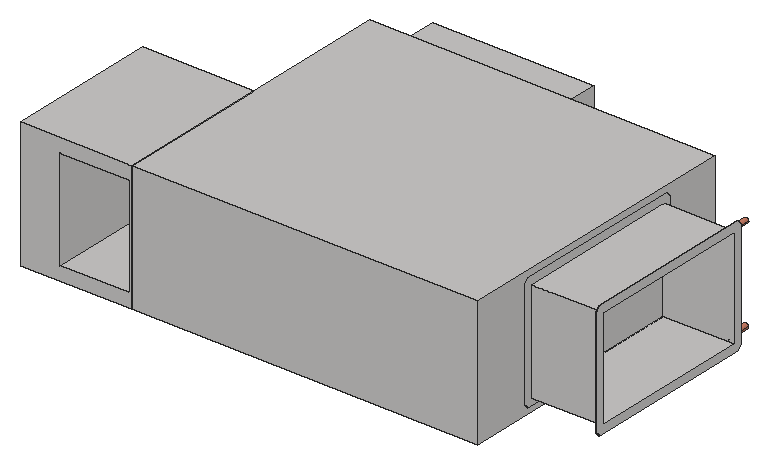
Revit family
Parameters
  Width = 3' - 1"
  Voltage = 277 V
  Unit Weight = if(and(Size Option = 1, Number of Rows = 1), "189.0 lbs", if(and(Size Option = 1, Number of Rows = 2), "192.0 lbs", if(and(Size Option = 2, Number of Rows = 1), "194.0 lbs", if(and(Size Option = 2, Number of Rows = 2), "197.0 lbs", "0"))))  # "194.0 lbs"
  UltraLoc Liner = Choose Liner Option = 3  # no
  URL = "http://www.titus-hvac.com/"
  UL = "181"
  Supply Air Flow [instance] = 0 CFM
  SteriLoc Liner = Choose Liner Option = 2  # no
  Size Option = 2
  Size C = Size Option = 2  # yes
  Size B = Size Option = 1  # no
  Secondary Material = Copper Connectors
  Primary Air Pressure Drop [instance] = 0.00 in-wg
  Primary Air Flow [instance] = 0 CFM
  Pressure [instance] = 0.00 psi
  Plenum Air Pressure Drop [instance] = 0.00 in-wg
  Plenum Air Flow [instance] = 0 CFM
  Outlet Width = 1' - 8 1/2"
  Outlet Height = 1' - 0 1/2"
  Number of Rows = 1
  Number of Poles = 1
  Nominal Width = Width + 0' 6 1/4"  # 3' - 7 1/4"
  Nominal Length = Length + 1' 1 7/8" + 0' 9"  # 5' - 5 7/8"
  Nominal Inlet Size = 0' - 6"
  Nominal Height = 1' - 4"
  NFPA = "90A"
  Motor Full Load Amps [instance] = 1.4 A
  Model = "DTFS-F"
  Min. Air Flow = 0 CFM
  Max. Air Flow = 500 CFM
  Material = Galvanized Steel
  Manufacturer = "Titus"
  Length = 3' - 7"
  Juction Box Offset = 0' - 2 7/8"
  Inlet Diameter = Nominal Inlet Size - 0' 0 1/8"  # 0' - 5 7/8"
  Induced Air Inlet Width = 1' - 1 7/8"
  Induced Air Inlet Offset = (Height - Induced Air Inlet Connection Height) / 2  # 0' - 1 11/16"
  Induced Air Inlet Height = 1' - 7"
  Induced Air Inlet Connection Width = 0' - 8 3/4"
  Induced Air Inlet Connection Height = 1' - 0 5/8"
  Induced Air Filter = no
  Height = 1' - 4"
  Heating Total Capacity [instance] = 0 Btu/h
  Heating Entering Water Temp = 0 °F
  Half Outlet Connection Width = Outlet Width / 2  # 0' - 10 1/4"
  Half Outlet Connection Height = Outlet Height / 2  # 0' - 6 1/4"
  Half Height Start = -(Height / 2)  # -0' - 8"
  Half Height End = Height / 2  # 0' - 8"
  HWC Option = HWC Section : B-C - 1 Row
  HWC Connector Radius = 5/16"
  HP-Motor = "1/4"
  Gallons Per Minute [instance] = 0 GPM
  Frequency = 60 Hz
  Flange Offset = 0' - 1"
  Filter Size = "11\"x14\""
  Fiber Free Liner = Choose Liner Option = 1  # no
  Fan Disconnect Switch = no
  Duct Radius = Nominal Inlet Size / 2  # 0' - 3"
  Description = "Ultra Quiet Series Fan Powered Terminal Unit, Direct Digital Control, Pressure Independent"
  Connector Vertical Offset = 0' - 11 3/4"
  HWC Connector Length = 0' - 3"
  Connector Horizontal Offset = if(Number of Rows = 1, 0' 0", if(Number of Rows = 2, 0' 1", 0' 0"))  # 0' - 0"
  Connection Void Radius = Connection Radius - 0' 0 1/4"  # 0' - 2 11/16"
  Connection Radius = Inlet Diameter / 2  # 0' - 2 15/16"
  Choose Liner Option = 0
  CADworks URL = "www.CADworks.net"
  Assembly Code = "D3040100"
  Apparent Power [instance] = Voltage * Motor Full Load Amps  # 387.8 VA
  Air Inlet Offset = 0' - 6"
  1/2" Fiberglass Liner = Choose Liner Option = 0  # yes
  1" Fiberglass Liner = Choose Liner Option = 4  # no
Reference planes (in)
  plane 1 "Center (Front/Back)": y = 0
  plane 2: z = 0
  plane 3 "Center (Left/Right)": x = 3
  plane 4: x = -18.5
  plane 5: x = 24.5
  plane 6: x = -15.625
  plane 7: x = -21.875
  plane 8: z = 0
  plane 9: y = -18.5
  plane 10: y = 18.5
  plane 11: y = 12.5
  plane 12: z = 0
  plane 13: x = 33.5
  plane 14: x = 32.5
  plane 15: y = 13.25
  plane 16: y = 10.25
  plane 17: z = 5.875
  plane 18: z = -5.875
  plane 19: x = 32.5
  plane 20: y = 24.75
  plane 21: x = -32.375
  plane 22: z = 8
  plane 23: z = -8
Forms (in)
  Extrusion 1, solid, material "Galvanized Steel" <- "Material"
    sketch origin (0, 0, 0) x (1, 0, 0) y (0, 1, 0)
      loop
        line (-18.5, 18.5) -> (-18.5, -18.5) -> (24.5, -18.5) -> (24.5, 18.5) -> (-18.5, 18.5)
    from -8 <- "Half Height Start" to 8 <- "Half Height End"
  Extrusion 2, solid, material "Galvanized Steel" <- "Material"
    sketch origin (0, 0, 0) x (1, 0, 0) y (0, 1, 0)
      loop
        line (-32.375, 0.5) -> (-32.375, -18.5) -> (-18.5, -18.5) -> (-18.5, 0.5) -> (-32.375, 0.5)
    from -8 <- "Half Height Start" to 8 <- "Half Height End"
  Extrusion 3, void
    sketch origin (0, -18.5, 0) x (1, 0, 0) y (0, 0, -1)
      loop
        line (-18.75, 6.3125) -> (-27.5, 6.3125) -> (-27.5, -6.3125) -> (-18.75, -6.3125) -> (-18.75, 6.3125)
    from 0 to 16
  Extrusion 4, solid, material "Galvanized Steel" <- "Material"
    sketch origin (3, 0, 30) x (1, 0, 0) y (0, 1, 0)
      loop
        line (-18.625, 18.5) -> (1.375, 18.5) -> (1.375, 24.75) -> (-18.625, 24.75) -> (-18.625, 18.5)
    from -36 to -24
  Extrusion 5, solid, material "Galvanized Steel" <- "Material"
    sketch origin (-24.875, -2, 0) x (0, 0, -1) y (0, 1, 0)
      loop
        circle (0, 14.5) r 2.9375
    from 3 to 6.375
  Extrusion 6, void
    sketch origin (-24.875, 0, 0) x (0, 1, 0) y (0, 0, 1)
      loop
        circle (12.5, 0) r 2.6875
    from 3 to 9.25
  Extrusion 7, void, detail levels fine
    sketch origin (33.5, -10.25, 6.25) x (0, 0, 1) y (0, -1, 0)
      loop
        line (-12.5, 0) -> (-12.5, -20.5) -> (0, -20.5) -> (0, 0) -> (-12.5, 0)
    from -0.0625 to 0
  Extrusion 8, solid, material "Copper Connectors" <- "Secondary Material", detail levels fine
    sketch origin (0, 0, 0) x (1, 0, 0) y (0, 0, 1)
      loop
        circle (32.5, 5.875) r 0.3125
    from -13.25 to -10.3125
  Extrusion 9, solid, material "Copper Connectors" <- "Secondary Material", detail levels fine
    sketch origin (0, 0, 0) x (1, 0, 0) y (0, 0, 1)
      loop
        circle (32.5, -5.875) r 0.3125
    from -13.25 to -10.3125
Cuts and joins
  Extrusion 3 cuts Extrusion 2
  Extrusion 6 cuts Extrusion 1
  Extrusion 6 cuts Extrusion 5
Dimensions and locks (in)
  "Length": plane 5 to plane 4
  equal spacing: plane 5, plane 3 "Center (Left/Right)", plane 4
  locked: Extrusion 4 to plane 6 at 0
  locked: Extrusion 4 to Extrusion 4 at 20
  "Juction Box Offset": plane 6 to plane 4
  locked: plane 4 to plane 7 at 3.375
  "Width": plane 9 to plane 10
  equal spacing: plane 9, plane 1 "Center (Front/Back)", plane 10
  locked: Extrusion 5 sketch curve to level at 0
  locked: Extrusion 5 sketch curve to plane 11 at 0
  locked: Extrusion 6 sketch curve to level at 0
  locked: Extrusion 6 sketch curve to plane 11 at 0
  locked: Extrusion 4 to Extrusion 4 at 6.25
  locked: Extrusion 4 to Extrusion 4 at 12
  equal spacing: Extrusion 4, plane 8, Extrusion 4
  "Air Inlet Offset": plane 10 to plane 11
  "Induced Air Inlet Height": cut or joined group of Extrusion 2, Extrusion 3 to cut or joined group of Extrusion 2, Extrusion 3
  locked: cut or joined group of Extrusion 5, Extrusion 6 to cut or joined group of Extrusion 5, Extrusion 6 at 3.375
  "Induced Air Inlet Connection Height": Extrusion 3 sketch curve to Extrusion 3 sketch curve
  "Induced Air Inlet Offset": Extrusion 3 sketch curve to cut or joined group of Extrusion 2, Extrusion 3
  "Induced Air Inlet Connection Width": Extrusion 3 sketch curve to Extrusion 3 sketch curve
  locked: Extrusion 3 sketch curve to cut or joined group of Extrusion 1, Extrusion 6 at 0.25
  locked: plane 5 to plane 13 at 9
  locked: plane 14 to plane 13 at 1
  locked: plane 17 to plane 18 at 11.75
  equal spacing: plane 17, plane 12, plane 18
  "Connector Horizontal Offset": plane 19 to plane 14
  "HWC Connector Length": plane 16 to plane 15
  locked: cut or joined group of Extrusion 2, Extrusion 3 to cut or joined group of Extrusion 2, Extrusion 3 at 16
  equal spacing: cut or joined group of Extrusion 2, Extrusion 3, plane 12, cut or joined group of Extrusion 2, Extrusion 3
  locked: cut or joined group of Extrusion 1, Extrusion 6 to cut or joined group of Extrusion 2, Extrusion 3 at 16
  equal spacing: cut or joined group of Extrusion 1, Extrusion 6, plane 12, cut or joined group of Extrusion 1, Extrusion 6
  locked: cut or joined group of Extrusion 2, Extrusion 3 to cut or joined group of Extrusion 2, Extrusion 3 at 13.875
  locked: nested 1 to cut or joined group of Extrusion 1, Extrusion 6 at 1.6875
  locked: cut or joined group of Extrusion 1, Extrusion 6 to nested 1 at 1.6875
  "Connection Radius": radius of Extrusion 5 sketch curve
  "Connection Void Radius": radius of Extrusion 6 sketch curve
  "HWC Connector Radius": radius of Extrusion 8 sketch curve
  "HWC Connector Radius": radius of Extrusion 9 sketch curve
  aligned and locked: plane 10 to Extrusion 4
  aligned and locked: plane 7 to cut or joined group of Extrusion 5, Extrusion 6
  aligned and locked: plane 9 to cut or joined group of Extrusion 2, Extrusion 3  (x3)
  aligned and locked: nested 1 to Extrusion 8
  aligned and locked: plane 15 to Extrusion 8
  aligned and locked: nested 1 to Extrusion 9
  aligned and locked: plane 15 to Extrusion 9
  aligned and locked: plane 5 to cut or joined group of Extrusion 1, Extrusion 6
  aligned and locked: cut or joined group of Extrusion 1, Extrusion 6 to plane 10
  aligned and locked: plane 9 to cut or joined group of Extrusion 1, Extrusion 6
  aligned and locked: cut or joined group of Extrusion 1, Extrusion 6 to plane 4
  aligned and locked: cut or joined group of Extrusion 1, Extrusion 6 to nested 1
  aligned and locked: cut or joined group of Extrusion 5, Extrusion 6 to cut or joined group of Extrusion 1, Extrusion 6
  aligned and locked: cut or joined group of Extrusion 2, Extrusion 3 to cut or joined group of Extrusion 1, Extrusion 6
  aligned and locked: plane 22 to cut or joined group of Extrusion 2, Extrusion 3
  aligned and locked: plane 22 to cut or joined group of Extrusion 1, Extrusion 6
  aligned and locked: plane 23 to cut or joined group of Extrusion 2, Extrusion 3
  aligned and locked: plane 23 to cut or joined group of Extrusion 1, Extrusion 6
  aligned and locked: plane 20 to Extrusion 4
  aligned and locked: plane 13 to nested 1
  aligned and locked: plane 21 to cut or joined group of Extrusion 2, Extrusion 3
  aligned and locked: plane 6 to Extrusion 6
  aligned and locked: Extrusion 6 to plane 7
Automatic sketch dimensions
  Extrusion 1 sketch curve to plane 4 = 0' - 0"
  Extrusion 1 sketch curve to plane 5 = 0' - 0"
  Extrusion 1 sketch curve to plane 9 = 0' - 0"
  Extrusion 1 sketch curve to plane 10 = 0' - 0"
  Extrusion 2 sketch curve to plane 4 = 0' - 0"
  Extrusion 2 sketch curve to plane 9 = 0' - 0"
  Extrusion 2 sketch curve to plane 1 "Center (Front/Back)" = 0' - 0 1/2"
  Extrusion 4 sketch curve to plane 6 = 0' - 0"
  Extrusion 4 sketch curve to plane 10 = 0' - 0"
  plane 3 "Center (Left/Right)" to Extrusion 4 sketch curve = 0' - 1 3/8"
  Extrusion 4 sketch curve to plane 10 = 0' - 6 1/4"
  Extrusion 2 sketch curve to plane 7 = 0' - 10 1/2"
  Extrusion 7 sketch curve to nested 1 = 0' - 0"  (x4)
  Extrusion 8 sketch curve to plane 17 = 0' - 0"
  Extrusion 8 sketch curve to plane 19 = 0' - 0"
  Extrusion 9 sketch curve to plane 14 = 0' - 0"
  Extrusion 9 sketch curve to plane 18 = 0' - 0"
Nested families (in)
  nested 1: "HWC Section" at (29, 0, 0) x (0, 1, 0) z (0, 0, 1), type <- "HWC Option", type "B-C - 1 Row"
Connectors (in)
  electrical at (-5.625, 24.75, 0), driven by "Apparent Power", driven by "Voltage", driven by "Number of Poles"
    settings: on Extrusion 4, index 8
  hvac at (-21.875, 12.5, 0), driven by "Duct Radius", driven by "Primary Air Pressure Drop", driven by "Primary Air Flow"
    settings: on cut or joined group of Extrusion 5, Extrusion 6, index 9
  hvac at (-23.125, -18.5, 0), driven by "Induced Air Inlet Connection Height", driven by "Induced Air Inlet Connection Width", driven by "Plenum Air Pressure Drop", driven by "Plenum Air Flow"
    settings: on cut or joined group of Extrusion 2, Extrusion 3, index 10
  hvac at (33.5, 0, 0), driven by "Outlet Height", driven by "Outlet Width", driven by "Supply Air Flow"
    settings: on Extrusion 7, index 11
  piping at (32.5, 13.25, 5.875), driven by "Gallons Per Minute", driven by "Pressure", driven by "HWC Connector Radius"
    settings: on Extrusion 8, index 12
  piping at (32.5, 13.25, -5.875), driven by "Gallons Per Minute", driven by "HWC Connector Radius", driven by "Pressure"
    settings: on Extrusion 9, index 13
Definition of nested family "HWC Section"
  Parameters (values of type "B-C - 1 Row")
    Visibility = yes
    Secondary Material = Copper Connectors
    Number of Rows = 1
    Material = Galvanized Steel
    Half Width = HWC Width / 2  # 0' - 10 1/4"
    Half Length-Start = -(HWC Length / 2)  # -0' - 4 1/2"
    Half Length-End = HWC Length / 2  # 0' - 4 1/2"
    HWC Connection Radius = 5/16"
    Flange Offset = 0' - 1"
    Duct Vertical Offset = HWC Height - 0' 0 1/2"  # 1' - 0"
    Duct Horizontal Offset = HWC Width - 0' 0 1/2"  # 1' - 8"
    Connector Vertical Offset = 0' - 11 3/4"
    HWC Width = 1' - 8 1/2"
    HWC Height = 1' - 0 1/2"
    HWC Length = 0' - 9"  # constant formula
    Gallons Per Minute = 0 GPM
    Connector Length = 0' - 3"
    Connector Horizontal Offset = 0' - 0"
  Types (5): name | Number of Rows | Half Width | Flange Offset | Duct Vertical Offset | Duct Horizontal Offset | Connector Vertical Offset | HWC Width | HWC Height | Connector Horizontal Offset
    (no name) | 1 | 0' - 10 1/4" | 0' - 1" | 1' - 0" | 1' - 8" | 0' - 11 3/4" | 1' - 8 1/2" | 1' - 0 1/2" | 0' - 0"
    B-C - 1 Row | 1 | 0' - 10 1/4" | 0' - 1" | 1' - 0" | 1' - 8" | 0' - 11 3/4" | 1' - 8 1/2" | 1' - 0 1/2" | 0' - 0"
    B-C - 2 Row | 2 | 0' - 10 1/4" | 0' - 1" | 1' - 0" | 1' - 8" | 0' - 11 3/4" | 1' - 8 1/2" | 1' - 0 1/2" | 0' - 1"
    D-E - 1 Row | 1 | 1' - 0 1/2" | 0' - 1 1/4" | 1' - 5" | 2' - 0 1/2" | 1' - 4 1/4" | 2' - 1" | 1' - 5 1/2" | 0' - 0"
    D-E - 2 Row | 2 | 1' - 0 1/2" | 0' - 1 1/4" | 1' - 5" | 2' - 0 1/2" | 1' - 4 3/4" | 2' - 1" | 1' - 5 1/2" | 0' - 1"
  Reference planes (in)
    plane 1 "Center (Front/Back)": y = 0
    plane 2: z = 0
    plane 3 "Center (Left/Right)": x = 0
    plane 4: x = -10.25
    plane 5: x = 10.25
    plane 6: y = 4.5
    plane 7: y = -4.5
    plane 8: z = 6.25
    plane 9: z = -6.25
    plane 10: z = 5.875
    plane 11: z = -5.875
    plane 12: y = 3.5
    plane 13: y = 3.5
    plane 14: x = 13.25
  Forms (in)
    Extrusion 1, solid, material "Galvanized Steel" <- "Material", visible <- "Visibility"
      sketch origin (0, 0, 0) x (1, 0, 0) y (0, 0, 1)
        loop
          line (-10.3125, 6.3125) -> (-10.3125, -6.3125) -> (10.3125, -6.3125) -> (10.3125, 6.3125) -> (-10.3125, 6.3125)
      from -4.375 <- "Half Length-Start" to 4.5 <- "Half Length-End"
    Extrusion 2, void, detail levels fine
      sketch origin (0, 0, 0) x (1, 0, 0) y (0, 0, 1)
        loop
          line (-10.25, -6.25) -> (10.25, -6.25) -> (10.25, 6.25) -> (-10.25, 6.25) -> (-10.25, -6.25)
      from -4.5 <- "Half Length-Start" to 4.5 <- "Half Length-End"
    Extrusion 3, solid, material "Copper Connectors" <- "Secondary Material", visible <- "Visibility"
      sketch origin (6, 2.625, 0) x (0, 1, 0) y (0, 0, 1)
        loop
          circle (0.875, -5.875) r 0.3125
      from 4.3125 to 7.25
    Extrusion 4, solid, material "Galvanized Steel" <- "Material", visible <- "Visibility"
      sketch origin (0, -4.375, 0) x (1, 0, 0) y (0, 0, 1)
        loop
          line (-10.25, 6.25) -> (-10.25, -6.25) -> (10.25, -6.25) -> (10.25, 6.25) -> (-10.25, 6.25)
        loop
          line (-11.25, 6.75) -> (-11.25, -6.75) -> (-10.75, -7.25) -> (10.75, -7.25) -> (11.25, -6.75) -> (11.25, 6.75) -> (10.75, 7.25) -> (-10.75, 7.25) -> (-11.25, 6.75)
      from 0 to 0.125
    Extrusion 5, solid, material "Copper Connectors" <- "Secondary Material", visible <- "Visibility"
      sketch origin (6, -0.5, 0) x (0, 1, 0) y (0, 0, 1)
        loop
          circle (4, 5.875) r 0.3125
      from 4.3125 to 7.25
    Extrusion 6, solid, material "Galvanized Steel" <- "Material", visible <- "Visibility"
      sketch origin (0, 4.375, 0) x (1, 0, 0) y (0, 0, -1)
        loop
          line (-10.25, -6.25) -> (10.25, -6.25) -> (10.25, 6.25) -> (-10.25, 6.25) -> (-10.25, -6.25)
        loop
          line (-11.25, -6.75) -> (-10.75, -7.25) -> (10.75, -7.25) -> (11.25, -6.75) -> (11.25, 6.75) -> (10.75, 7.25) -> (-10.75, 7.25) -> (-11.25, 6.75) -> (-11.25, -6.75)
      from 0 to 0.125
  Cuts and joins
    Extrusion 2 cuts Extrusion 1
    joined: Extrusion 1, Extrusion 4, Extrusion 6
  Dimensions and locks (in)
    "HWC Width": plane 4 to plane 5
    equal spacing: plane 4, plane 3 "Center (Left/Right)", plane 5
    "HWC Height": plane 8 to plane 9
    equal spacing: plane 8, plane 2, plane 9
    equal spacing: plane 10, plane 2, plane 11
    locked: plane 12 to plane 6 at 1
    "Connector Horizontal Offset": plane 13 to plane 12
    locked: plane 7 to Extrusion 4 at 0.125
    locked: Extrusion 6 to plane 6 at 0.125
    locked: plane 4 to Extrusion 1 sketch curve at 0.0625
    locked: Extrusion 4 to Extrusion 1 sketch curve at 0.0625
    locked: Extrusion 1 sketch curve to plane 8 at 0.0625
    locked: plane 9 to Extrusion 1 sketch curve at 0.0625
    "Connector Length": plane 5 to plane 14
    "HWC Length": plane 6 to plane 7
    equal spacing: plane 6, plane 1 "Center (Front/Back)", plane 7
    "Connector Vertical Offset": plane 10 to plane 11
    equal spacing: plane 10, level, plane 11
    "HWC Width": Extrusion 4 sketch curve to Extrusion 4 sketch curve
    equal spacing: Extrusion 4 sketch curve, plane 3 "Center (Left/Right)", Extrusion 4 sketch curve
    "HWC Height": Extrusion 4 sketch curve to Extrusion 4 sketch curve
    equal spacing: Extrusion 4 sketch curve, plane 2, Extrusion 4 sketch curve
    "Flange Offset": cut or joined group of Extrusion 1, Extrusion 2, Extrusion 4, Extrusion 6 to plane 8
    "Flange Offset": plane 9 to cut or joined group of Extrusion 1, Extrusion 2, Extrusion 4, Extrusion 6
    locked: cut or joined group of Extrusion 1, Extrusion 2, Extrusion 4, Extrusion 6 to plane 4 at 1  (x2)
    locked: cut or joined group of Extrusion 1, Extrusion 2, Extrusion 4, Extrusion 6 to plane 5 at 1  (x2)
    "HWC Width": Extrusion 6 sketch curve to Extrusion 6 sketch curve
    "HWC Height": Extrusion 6 sketch curve to Extrusion 6 sketch curve
    equal spacing: Extrusion 6 sketch curve, plane 3 "Center (Left/Right)", Extrusion 6 sketch curve
    equal spacing: Extrusion 6 sketch curve, plane 2, Extrusion 6 sketch curve
    "HWC Height": Extrusion 2 sketch curve to Extrusion 2 sketch curve
    "HWC Width": Extrusion 2 sketch curve to Extrusion 2 sketch curve
    equal spacing: Extrusion 2 sketch curve, plane 3 "Center (Left/Right)", Extrusion 2 sketch curve
    equal spacing: Extrusion 2 sketch curve, plane 2, Extrusion 2 sketch curve
    locked: plane 5 to Extrusion 3 at 0.0625
    locked: plane 5 to Extrusion 5 at 0.0625
    "Flange Offset": Extrusion 6 sketch curve to plane 8  (x2)
    "Flange Offset": plane 9 to Extrusion 6 sketch curve  (x2)
    "HWC Connection Radius": radius of Extrusion 3 sketch curve
    "HWC Connection Radius": radius of Extrusion 5 sketch curve
    aligned and locked: plane 7 to Extrusion 4
    aligned and locked: plane 6 to Extrusion 6
    aligned and locked: plane 14 to Extrusion 5
    aligned and locked: plane 14 to Extrusion 3
    aligned and locked: Extrusion 6 to cut or joined group of Extrusion 1, Extrusion 2, Extrusion 4, Extrusion 6
    aligned and locked: Extrusion 4 to Extrusion 4
  Automatic sketch dimensions
    Extrusion 3 sketch curve to plane 11 = 0' - 0"
    Extrusion 3 sketch curve to plane 12 = 0' - 0"
    plane 4 to Extrusion 4 sketch curve = 0' - 1"
    plane 4 to Extrusion 4 sketch curve = 0' - 0 1/2"  (x2)
    Extrusion 4 sketch curve to plane 5 = 0' - 0 1/2"  (x2)
    Extrusion 4 sketch curve to Extrusion 4 sketch curve = 0' - 0 1/2"  (x3)
    Extrusion 4 sketch curve to plane 9 = 0' - 0 1/2"  (x2)
    plane 8 to Extrusion 4 sketch curve = 0' - 0 1/2"  (x2)
    Extrusion 5 sketch curve to plane 10 = 0' - 0"
    Extrusion 5 sketch curve to plane 13 = 0' - 0"
    plane 4 to Extrusion 6 sketch curve = 0' - 1"
    plane 4 to Extrusion 6 sketch curve = 0' - 0 1/2"  (x2)
    Extrusion 6 sketch curve to plane 5 = 0' - 0 1/2"  (x2)
    Extrusion 6 sketch curve to Extrusion 6 sketch curve = 0' - 0 1/2"  (x2)
    plane 8 to Extrusion 6 sketch curve = 0' - 0 1/2"  (x2)
    Extrusion 6 sketch curve to plane 9 = 0' - 0 1/2"
